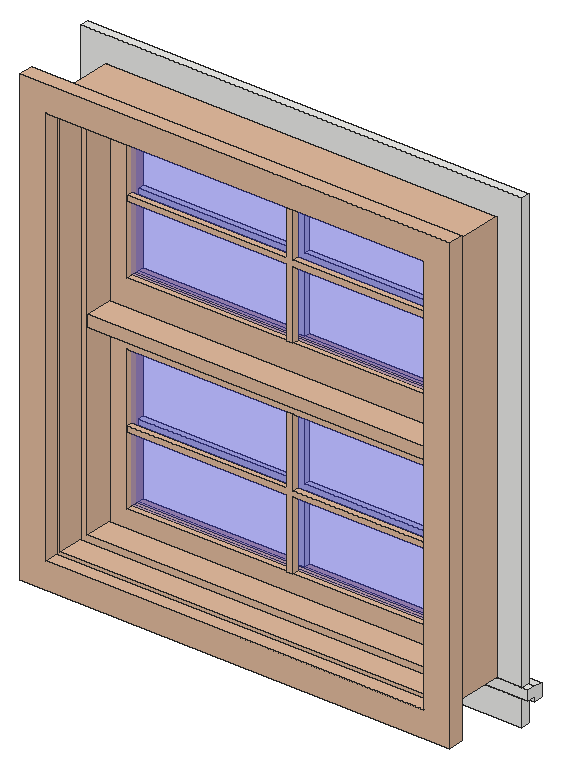
Revit family "748f66ffc57a48c4b5aa73766c465dcf", category Windows, host Wall, Revit 2021
Family settings
  Host = Wall
  OmniClass Number = 23.30.20.17.21.11
  OmniClass Title = Awning Windows
  Always vertical = Yes
  Cut with Voids When Loaded = No
  Shared = No
  Room Calculation Point = No
Parameters (values of type "34" x 36"")
  Window Inset [instance] = 0' - 0"
  Wall Thickness [instance] = 0' - 6"
  Visual Light Transmittance = 0.81
  Top Sash Height Ratio = 0.5
  Top Sash Height = Top Sash Height Ratio * Height  # 1' - 6"
  Thermal Resistance (R) = 1.8146 (h·ft²·°F)/BTU
  Solar Heat Gain Coefficient = 0.76
  Rough Width = Width + 0' 0 1/2"  # 2' - 10 1/2"
  Rough Height = Height + 0' 0 1/2"  # 3' - 0 1/2"
  Top Muntin Visibility = yes
  Muntin Pattern = Muntin Pattern_2x2 : Muntin Pattern_2x2
  Interior Wall Closure [instance] = 0' - 2 1/4"
  Interior Trim Visibility [instance] = yes
  Interior Trim Material = Wood - Stained
  Interior Trim = Trim-Window-Interior-Flat : Picture Frame
  Interior Frame Material = Wood - Stained
  Height = 3' - 0"
  Heat Transfer Coefficient (U) = 0.5511 BTU/(h·ft²·°F)
  Glass Panel Material = Glass
  Frame Extension [instance] = if(Exterior Trim Visibility, Window Inset + 0' 0 1/4", 0' 0 1/4")  # 0' - 0 1/4"
  Fire Rating = "0.5h"
  Exterior Wall Closure [instance] = 0' - 1 1/4"
  Exterior Trim Visibility [instance] = yes
  Exterior Trim Material = Clad - White
  Exterior Trim = Trim-Window-Exterior-Flat : with Sill
  Exterior Frame Material = Clad - White
  Extension Jamb Visibility [instance] = and(Interior Trim Visibility, Wall Thickness - Window Inset > 0' 3 3/4")  # yes
  Extension Jamb [instance] = if(Wall Thickness - Window Inset > 0' 3 3/4", Wall Thickness - Window Inset - 0' 3 3/4", 0' 1")  # 0' - 2 1/4"
  Default Sill Height = 3' - 0"
  Wall Closure = By host
  Width = 2' - 10"
  Bottom Muntin Visibility = yes
  Assembly Code = "B2020100"
  Analytic Construction = "Double glazing - domestic"
Reference planes (in)
  plane 1 "Center (Front/Back)": y = 0
  plane 2: z = 0
  plane 3 "Center (Left/Right)": x = 0
  plane 4 "Left": x = -17
  plane 5 "Right": x = 17
  plane 6 "Sill": z = 36
  plane 7 "Top": z = 72
  plane 8 "Exterior": y = 3
  plane 9 "Interior": y = -3
  plane 10 "Inset Face": y = 3
  plane 11 "Jamb": y = -0.75
  plane 12 "Sash Face": y = 3.5
  plane 13 "Wall Closure": y = -0.75
  plane 14: y = 2.25
  plane 15: z = 36.5
  plane 16: x = 16.5
  plane 17: x = 14.25
  plane 18: x = -14.25
  plane 19: x = -16.5
  plane 20: z = 71.5
  plane 21: z = 69.25
  plane 22: z = 38.75
  plane 23: y = 1.75
  plane 24: y = 3.75
  plane 25: y = 2.625
  plane 26: z = 54
  plane 27 "Transom Height": z = 54.5
  plane 28: z = 56.75
  plane 29: z = 53.5
  plane 30: y = 3.75
  plane 31: y = 1.75
  plane 32: y = -0.75
  plane 33: z = 51.24965
  plane 34: z = 54
  plane 35: y = 3.75
Forms (in)
  Extrusion 1, solid, material "Wood - Stained" <- "Interior Frame Material", visible <- "Extension Jamb Visibility"
    sketch origin (0, 0, 0) x (1, 0, 0) y (0, 0, 1)
      loop
        line (17, 72) -> (-17, 72) -> (-17, 36) -> (17, 36) -> (17, 72)
      loop
        line (16.25, 71.25) -> (-16.25, 71.25) -> (-16.25, 36.75) -> (16.25, 36.75) -> (16.25, 71.25)
    from 0.75 to 3
  Sweep 2, solid, material "Wood - Stained" <- "Interior Frame Material"
    path origin (0, 3.5, 0) x (-1, 0, 0) y (0, 0, 1)
      loop
        line (-17, 72) -> (-17, 36) -> (17, 36) -> (17, 72) -> (-17, 72)
    profile origin (17, 3.5, 54) x (1, 0, 0) y (0, 1, 0)
      loop
        line (-1.25, -1.75) -> (-1.25, -4.25) -> (0, -4.25) -> (0, 0.25) -> (-0.5, 0.25) -> (-0.5, -1.75) -> (-1.25, -1.75)
  Sweep 3, solid, material "Wood - Stained" <- "Interior Frame Material"
    path origin (0, 3.5, 0) x (-1, 0, 0) y (0, 0, 1)
      loop
        line (-16.5, 71.5) -> (-16.5, 54.5) -> (16.5, 54.5) -> (16.5, 71.5) -> (-16.5, 71.5)
    profile origin (16.5, 3.5, 63) x (1, 0, 0) y (0, 1, 0)
      loop
        line (-2.25, 0) -> (-2.25, -1.75) -> (0, -1.75) -> (0, 0) -> (-2.25, 0)
  Extrusion 4, solid, material "Glass" <- "Glass Panel Material"
    sketch origin (0, 0, 36) x (0, -1, 0) y (1, 0, 0)
      loop
        line (-3, -14.25) -> (-2.75, -14.25) -> (-2.75, 14.25) -> (-3, 14.25) -> (-3, -14.25)
      loop
        line (-2.5, -14.25) -> (-2.25, -14.25) -> (-2.25, 14.25) -> (-2.5, 14.25) -> (-2.5, -14.25)
    from 20.75 to 33.25
  Extrusion 5, solid, material "Glass" <- "Glass Panel Material"
    sketch origin (0, 0, 36) x (0, -1, 0) y (1, 0, 0)
      loop
        line (-3, -14.25) -> (-2.75, -14.25) -> (-2.75, 14.25) -> (-3, 14.25) -> (-3, -14.25)
      loop
        line (-2.5, -14.25) -> (-2.25, -14.25) -> (-2.25, 14.25) -> (-2.5, 14.25) -> (-2.5, -14.25)
    from 2.75 to 15.25
  Extrusion 6, solid, material "Wood - Stained" <- "Interior Frame Material"
    sketch origin (0, 0, 36) x (0, -1, 0) y (1, 0, 0)
      loop
        line (-3.75, -16.5) -> (-1.75, -16.5) -> (-1.75, -15.75) -> (0.75, -15.75) -> (0.75, 15.75) -> (-1.75, 15.75) -> (-1.75, 16.5) -> (-3.75, 16.5) -> (-3.75, -16.5)
    from 18.5 to 17.5
  Sweep 7, solid, material "Wood - Stained" <- "Interior Frame Material"
    path origin (-72, 3.5, 48) x (-1, 0, 0) y (0, 0, 1)
      loop
        line (-88.5, 5.5) -> (-88.5, -11.5) -> (-55.5, -11.5) -> (-55.5, 5.5) -> (-88.5, 5.5)
    profile origin (16.5, 3.5, 45) x (0, 1, 0) y (-1, 0, 0)
      loop
        line (0, 2.25) -> (-1.75, 2.25) -> (-1.75, 0) -> (0, 0) -> (0, 2.25)
Lines and regions (in)
  Opening 1
    outline origin (-60, -3, 0) x (1, 0, 0) y (0, 0, 1)
      loop
        line (43, 72) -> (43, 36) -> (77, 36) -> (77, 72) -> (43, 72)
  Split face 1
    outline origin (-14.25, 1.75, 56.75) x (1, 0, 0) y (0, 1, 0)
      loop
        line (0, 1.25) -> (28.5, 1.25)
  Split face 2
    outline origin (14.25, 1.75, 56.75) x (0, 0, 1) y (0, 1, 0)
      loop
        line (0, 1.25) -> (12.5, 1.25)
  Split face 3
    outline origin (-14.25, 1.75, 69.25) x (0, 0, -1) y (0, 1, 0)
      loop
        line (0, 1.25) -> (12.5, 1.25)
  Split face 4
    outline origin (14.25, 1.75, 69.25) x (0, 1, 0) y (-1, 0, 0)
      loop
        line (1.25, 28.5) -> (1.25, 0)
  Split face 5
    outline origin (0, 0, 54.5) x (0, -1, 0) y (1, 0, 0)
      loop
        line (-3.5, 16.5) -> (-3.5, -16.5)
  Split face 6
    outline origin (14.25, 3.5, 38.75) x (-1, 0, 0) y (0, -1, 0)
      loop
        line (28.5, 0.5) -> (0, 0.5)
  Split face 7
    outline origin (14.25, 3.5, 51.25) x (0, 0, -1) y (0, -1, 0)
      loop
        line (12.5, 0.5) -> (0, 0.5)
  Split face 8
    outline origin (-14.25, 3.5, 51.25) x (0, -1, 0) y (1, 0, 0)
      loop
        line (0.5, 28.5) -> (0.5, 0)
  Split face 9
    outline origin (-14.25, 3.5, 38.75) x (0, 0, 1) y (0, -1, 0)
      loop
        line (12.5, 0.5) -> (0, 0.5)
  Split face 10
    outline origin (0, 0, 53.5) x (0, -1, 0) y (1, 0, 0)
      loop
        line (-3.5, 16.5) -> (-3.5, -16.5)
  symbolic lines, style "Elevation Swing"
    curve 1: line (0, -3, 71.5) -> (16.5, -3, 54.5)
    curve 2: line (0, -3, 71.5) -> (-16.5, -3, 54.5)
    curve 3: line (0, -3, 53.5) -> (16.5, -3, 36.5)
    curve 4: line (0, -3, 53.5) -> (-16.5, -3, 36.5)
Text (in)
  text "EXTERIOR" at (-58.6888, 50.90694, 0), in view "Ref. Level"
  text "INTERIOR" at (-58.6888, -37.76638, 0), in view "Ref. Level"
  text "Exterior" at (0, 43.65631, 123.19604), in view "Left"
  text "Exterior" at (0, 18.29385, 125.04747), in view "Right"
Dimensions and locks (in)
  equal spacing: plane 4 "Left", plane 3 "Center (Left/Right)", plane 5 "Right"
  "Width": plane 4 "Left" to plane 5 "Right"
  "Height": plane 6 "Sill" to plane 7 "Top"
  "Default Sill Height": plane 2 to plane 6 "Sill"
  "Window Inset": plane 8 "Exterior" to plane 10 "Inset Face"
  "Extension Jamb": plane 11 "Jamb" to plane 9 "Interior"
  locked: plane 12 "Sash Face" to plane 10 "Inset Face" at 0.5
  plane 10 "Inset Face" to plane 13 "Wall Closure" = 0' - 3 3/4"
  locked: plane 10 "Inset Face" to plane 14 at 0.75
  locked: plane 6 "Sill" to plane 15 at 0.5
  locked: Sweep 2 sketch curve to Sweep 2 sketch curve at 1.25
  locked: plane 16 to plane 5 "Right" at 0.5
  locked: plane 17 to plane 16 at 2.25
  locked: plane 4 "Left" to plane 19 at 0.5
  locked: plane 19 to plane 18 at 2.25
  locked: plane 20 to plane 7 "Top" at 0.5
  locked: Sweep 2 sketch curve to Sweep 2 sketch curve at 0.5
  equal spacing: Extrusion 4 sketch curve, Extrusion 4 sketch curve, Extrusion 4 sketch curve, Extrusion 4 sketch curve
  locked: plane 15 to plane 22 at 2.25
  locked: plane 21 to plane 20 at 2.25
  locked: plane 14 to plane 23 at 0.5
  locked: plane 24 to plane 8 "Exterior" at 0.75
  plane 12 "Sash Face" to Sweep 2 sketch curve = 0' - 1 3/4"
  equal spacing: plane 10 "Inset Face", plane 25, plane 14
  equal spacing: plane 22, plane 26, plane 21
  locked: plane 27 "Transom Height" to plane 28 at 2.25
  equal spacing: Extrusion 5 sketch curve, Extrusion 5 sketch curve, Extrusion 5 sketch curve, Extrusion 5 sketch curve
  "Wall Thickness": host wall to host wall
  Extrusion 1 to Extrusion 5 = 2' - 7 1/4"
  plane 29 to plane 27 "Transom Height" = 0' - 1"
  plane 30 to plane 12 "Sash Face" = 0' - 0 1/4"
  "Interior Wall Closure": plane 32 to plane 9 "Interior"
  "Exterior Wall Closure": plane 8 "Exterior" to plane 31
  locked: plane 33 to plane 29 at 2.25035
  equal spacing: plane 29, plane 34, plane 27 "Transom Height"
  "Top Sash Height": plane 34 to plane 7 "Top"
  "Frame Extension": plane 35 to plane 12 "Sash Face"
  aligned and locked: plane 7 "Top" to Opening 1 sketch curve
  aligned and locked: plane 6 "Sill" to Opening 1 sketch curve  (x2)
  aligned and locked: plane 5 "Right" to Opening 1 sketch curve
  aligned and locked: plane 4 "Left" to Opening 1 sketch curve
  aligned and locked: level to plane 2
  aligned and locked: plane 8 "Exterior" to host wall
  aligned and locked: plane 9 "Interior" to host wall
  aligned and locked: Extrusion 1 sketch curve to plane 6 "Sill"
  aligned and locked: plane 7 "Top" to Extrusion 1 sketch curve
  aligned and locked: plane 5 "Right" to Extrusion 1 sketch curve
  aligned and locked: Extrusion 1 sketch curve to plane 4 "Left"
  aligned and locked: Extrusion 1 to plane 9 "Interior"
  aligned and locked: Sweep 2 sketch curve to plane 6 "Sill"
  aligned and locked: Sweep 2 sketch curve to plane 4 "Left"
  aligned and locked: plane 7 "Top" to Sweep 2 sketch curve
  aligned and locked: plane 5 "Right" to Sweep 2 sketch curve
  aligned and locked: Sweep 2 sketch curve to plane 5 "Right"
  aligned and locked: plane 16 to Sweep 3 sketch curve
  aligned and locked: Sweep 3 sketch curve to plane 19
  aligned and locked: Sweep 3 sketch curve to plane 20
  aligned and locked: plane 12 "Sash Face" to Sweep 3 sketch curve
  aligned and locked: Sweep 3 sketch curve to plane 16
  aligned and locked: plane 17 to Sweep 3 sketch curve
  aligned and locked: Sweep 3 sketch curve to Sweep 2
  aligned and locked: Extrusion 4 sketch curve to plane 10 "Inset Face"
  aligned and locked: plane 17 to Extrusion 4 sketch curve  (x2)
  aligned and locked: Extrusion 4 sketch curve to plane 18  (x2)
  aligned and locked: plane 21 to Extrusion 4
  aligned and locked: plane 18 to Split face 1 sketch curve
  aligned and locked: Split face 1 sketch curve to plane 10 "Inset Face"
  aligned and locked: plane 17 to Split face 1 sketch curve
  aligned and locked: plane 3 "Center (Left/Right)" to nested 1
  aligned and locked: nested 1 to plane 8 "Exterior"
  aligned and locked: plane 21 to Split face 2 sketch curve
  aligned and locked: Split face 2 sketch curve to plane 10 "Inset Face"
  aligned and locked: plane 21 to Split face 3 sketch curve
  aligned and locked: plane 10 "Inset Face" to Split face 3 sketch curve
  aligned and locked: plane 18 to Split face 4 sketch curve
  aligned and locked: plane 17 to Split face 4 sketch curve
  aligned and locked: Split face 4 sketch curve to plane 10 "Inset Face"
  aligned and locked: plane 3 "Center (Left/Right)" to curve 1
  aligned and locked: plane 16 to curve 1
  aligned and locked: plane 20 to curve 2
  aligned and locked: nested 2 to plane 25
  aligned and locked: plane 27 "Transom Height" to Sweep 3 sketch curve
  aligned and locked: plane 28 to nested 2
  aligned and locked: Extrusion 5 sketch curve to Extrusion 4
  aligned and locked: Extrusion 4 to plane 28
  aligned and locked: Extrusion 5 sketch curve to plane 14
  aligned and locked: plane 27 "Transom Height" to curve 1
  aligned and locked: plane 27 "Transom Height" to curve 2
  aligned and locked: plane 19 to curve 2
  aligned and locked: plane 27 "Transom Height" to Extrusion 6
  aligned and locked: Extrusion 6 to plane 29
  aligned and locked: plane 12 "Sash Face" to Split face 5 sketch curve
  aligned and locked: profile plane to Sweep 7 sketch curve
  aligned and locked: plane 17 to Sweep 7 sketch curve
  aligned and locked: Sweep 7 sketch curve to Sweep 2  (x2)
  aligned and locked: Extrusion 5 to Sweep 7
  aligned and locked: Extrusion 5 to plane 22
  aligned and locked: Split face 6 sketch curve to plane 10 "Inset Face"
  aligned and locked: plane 17 to Split face 7 sketch curve
  aligned and locked: Split face 9 sketch curve to plane 18
  aligned and locked: plane 12 "Sash Face" to Split face 10 sketch curve
  aligned and locked: Sweep 7 sketch curve to plane 16
  aligned and locked: Sweep 7 sketch curve to plane 15
  aligned and locked: plane 19 to Sweep 7 sketch curve
  aligned and locked: plane 16 to Sweep 7 sketch curve
  aligned and locked: plane 29 to Sweep 7 sketch curve  (x2)
  aligned and locked: Extrusion 6 sketch curve to plane 13 "Wall Closure"
  aligned and locked: plane 30 to Extrusion 6 sketch curve
  aligned and locked: nested 1 to plane 7 "Top"
  aligned and locked: nested 3 to plane 8 "Exterior"
  aligned and locked: nested 3 to plane 4 "Left"
  aligned and locked: plane 18 to Extrusion 5 sketch curve  (x2)
  aligned and locked: plane 17 to Extrusion 5 sketch curve  (x2)
  aligned and locked: plane 18 to Sweep 7
  aligned and locked: plane 21 to nested 2
  aligned and locked: nested 2 to plane 18
  aligned and locked: nested 2 to plane 17
  aligned and locked: plane 7 "Top" to nested 5
  aligned and locked: plane 7 "Top" to nested 4
  aligned and locked: plane 3 "Center (Left/Right)" to nested 4
  aligned and locked: nested 5 to plane 3 "Center (Left/Right)"
  aligned and locked: plane 11 "Jamb" to Extrusion 1
  aligned and locked: Sweep 2 sketch curve to plane 13 "Wall Closure"
  aligned and locked: nested 6 to plane 18
  aligned and locked: nested 6 to plane 17
  aligned and locked: plane 22 to nested 6
  aligned and locked: plane 33 to nested 6
  aligned and locked: nested 6 to plane 25
  aligned and locked: plane 29 to curve 4
  aligned and locked: plane 3 "Center (Left/Right)" to curve 4
  aligned and locked: plane 15 to curve 3
  aligned and locked: plane 16 to curve 3
  aligned and locked: plane 15 to curve 4
  aligned and locked: plane 19 to curve 4
  aligned and locked: plane 34 to nested 3
  aligned and locked: plane 35 to Sweep 2 sketch curve
Automatic sketch dimensions
  Extrusion 4 sketch curve to plane 14 = 0' - 0"
  Sweep 7 to Split face 7 sketch curve = 0' - 0"
  Split face 7 sketch curve to Sweep 7 = 0' - 0"
  Split face 7 sketch curve to Sweep 7 = 0' - 0 1/2"
  Sweep 7 to Split face 9 sketch curve = 0' - 0"
  Split face 9 sketch curve to Sweep 7 = 0' - 0 1/2"
  Split face 9 sketch curve to Sweep 7 = 0' - 0"
  Extrusion 1 sketch curve to plane 19 = 0' - 0 1/4"
  plane 16 to Extrusion 1 sketch curve = 0' - 0 1/4"
  plane 15 to Extrusion 1 sketch curve = 0' - 0 1/4"
  Extrusion 1 sketch curve to plane 20 = 0' - 0 1/4"
  Split face 2 sketch curve to Sweep 3 = 0' - 0"
  Split face 3 sketch curve to Sweep 3 = 0' - 0"
  Extrusion 6 sketch curve to plane 23 = 0' - 0"  (x2)
  Extrusion 6 sketch curve to plane 16 = 0' - 0"
  Extrusion 6 sketch curve to plane 19 = 0' - 0"
  Extrusion 6 sketch curve to plane 19 = 0' - 0 3/4"
  plane 16 to Extrusion 6 sketch curve = 0' - 0 3/4"
  Split face 5 sketch curve to Extrusion 6 = 0' - 0"  (x2)
  Split face 6 sketch curve to Sweep 7 = 0' - 0"  (x2)
  Split face 8 sketch curve to Sweep 7 = 0' - 0"  (x2)
  Split face 8 sketch curve to Sweep 7 = 0' - 0 1/2"
  Split face 10 sketch curve to Extrusion 6 = 0' - 0"  (x2)
Nested families (in)
  nested 1: "Plan-Awning" at (0, 3, 54), Width <- "Width", Window Inset <- "Window Inset", Height <- "Top Sash Height", Wall Thickness <- "Wall Thickness", type "Plan-Awning"
    with Window Inset of 3D 0' - 0", Window Inset 0' - 0", Width 2' - 10", Wall Thickness 0' - 6", Top Line yes, Right Line yes, Left Line yes, Height 1' - 6", Bottom Line no
  nested 2: "Muntin Pattern_2x2" at (0, 2.625, 56.75), visible <- "Top Muntin Visibility", Exterior Material <- "Exterior Frame Material", Interior Material <- "Interior Frame Material", type <- "Muntin Pattern", type "Muntin Pattern_2x2"
    with Width 2' - 4 1/2", Interior Material Wood - Stained, Height 1' - 0 1/2", Exterior Material Clad - White
  nested 3: "Plan-Awning" at (0, 3, 36), Window Inset <- "Window Inset", Width <- "Width", Height <- "Top Sash Height", Wall Thickness <- "Wall Thickness", type "Plan-Awning"
    with Window Inset of 3D 0' - 0", Window Inset 0' - 0", Width 2' - 10", Wall Thickness 0' - 6", Top Line no, Right Line yes, Left Line yes, Height 1' - 6", Bottom Line yes
  nested 4: "Trim-Window-Interior-Flat" at (0, -3, 72) x (1, 0, 0) z (0, -1, 0), visible <- "Interior Trim Visibility", Trim Material <- "Interior Trim Material", Opening Width <- "Width", Opening Height <- "Height", type <- "Interior Trim", type "Picture Frame"
    with Trim Material Wood - Stained, Opening Width 2' - 10", Opening Height 3' - 0"
  nested 5: "Trim-Window-Exterior-Flat" at (0, 3, 72) x (-1, 0, 0) z (0, 1, 0), Opening Width <- "Width", Opening Height <- "Height", Trim Material <- "Exterior Trim Material", visible <- "Exterior Trim Visibility", type <- "Exterior Trim", type "with Sill"
    with Trim Material Clad - White, Opening Width 2' - 10", Opening Height 3' - 0"
  nested 6: "Muntin Pattern_2x2" at (0, 2.625, 38.75), visible <- "Bottom Muntin Visibility", Exterior Material <- "Exterior Frame Material", Interior Material <- "Interior Frame Material", type <- "Muntin Pattern", type "Muntin Pattern_2x2"
    with Width 2' - 4 1/2", Interior Material Wood - Stained, Height 1' - 0.49965", Exterior Material Clad - White
Definition of nested family "Muntin Pattern_2x2"
  Parameters (values of type "Muntin Pattern_2x2")
    Width [instance] = 4' - 0"
    Thickness = 0' - 0 1/2"
    Height [instance] = 4' - 0"
    Interior Material [instance] = none
    Exterior Material [instance] = none
    Distance = 0' - 0 3/4"
    Default Elevation = 0' - 0"
  Reference planes (in)
    plane 1 "Center (Front/Back)": y = 0
    plane 2: z = 0
    plane 3 "Center (Left/Right)": x = 0
    plane 4: z = 48
    plane 5: x = -24
    plane 6: x = 24
    plane 7: z = 24
    plane 8: y = 0.375
    plane 9: y = 0.875
    plane 10: y = -0.375
    plane 11: y = -0.875
  Forms (in)
    Extrusion 1, solid, material <- "Interior Material", detail levels fine
      sketch origin (0, 0, 0) x (1, 0, 0) y (0, 0, 1)
        loop
          line (-24, 24.25) -> (-24, 23.75) -> (-0.25, 23.75) -> (-0.25, 0) -> (0.25, 0) -> (0.25, 23.75) -> (24, 23.75) -> (24, 24.25) -> (0.25, 24.25) -> (0.25, 48) -> (-0.25, 48) -> (-0.25, 24.25) -> (-24, 24.25)
      from 0.375 to 0.875
    Extrusion 2, solid, material <- "Exterior Material", detail levels fine
      sketch origin (0, 0, 0) x (1, 0, 0) y (0, 0, -1)
        loop
          line (-24, -24.25) -> (-0.25, -24.25) -> (-0.25, -48) -> (0.25, -48) -> (0.25, -24.25) -> (24, -24.25) -> (24, -23.75) -> (0.25, -23.75) -> (0.25, 0) -> (-0.25, 0) -> (-0.25, -23.75) -> (-24, -23.75) -> (-24, -24.25)
      from 0.375 to 0.875
  Lines and regions (in)
    model lines, detail levels medium
      curve 1: line (0, 0.375, 48) -> (0, 0.375, 0)
      curve 2: line (-24, -0.375, 24) -> (24, -0.375, 24)
      curve 3: line (-24, 0.375, 24) -> (24, 0.375, 24)
      curve 4: line (0, -0.375, 48) -> (0, -0.375, 0)
  Dimensions and locks (in)
    equal spacing: plane 6, plane 3 "Center (Left/Right)", plane 5
    "Width": plane 6 to plane 5
    "Height": plane 4 to plane 2
    equal spacing: plane 4, plane 7, plane 2
    locked: plane 3 "Center (Left/Right)" to Extrusion 1 sketch curve at 0.25  (x4)
    locked: Extrusion 1 sketch curve to plane 7 at 0.25  (x2)
    locked: plane 7 to Extrusion 1 sketch curve at 0.25  (x2)
    "Thickness": plane 9 to plane 8
    "Thickness": plane 10 to plane 11
    "Distance": plane 8 to plane 10
    equal spacing: plane 8, plane 1 "Center (Front/Back)", plane 10
    aligned and locked: plane 2 to level
    aligned and locked: plane 4 to curve 1
    aligned and locked: plane 5 to curve 2
    aligned and locked: plane 2 to curve 1
    aligned and locked: plane 6 to curve 2
    aligned and locked: Extrusion 1 sketch curve to plane 4
    aligned and locked: Extrusion 1 sketch curve to plane 6
    aligned and locked: Extrusion 1 sketch curve to plane 5
    aligned and locked: Extrusion 1 sketch curve to level
    aligned and locked: Extrusion 1 to plane 11
    aligned and locked: plane 10 to Extrusion 1
    aligned and locked: Extrusion 2 to plane 5
    aligned and locked: plane 6 to Extrusion 2
    aligned and locked: Extrusion 2 to plane 8
    aligned and locked: plane 9 to Extrusion 2
    aligned and locked: Extrusion 2 to plane 2
    aligned and locked: plane 4 to Extrusion 2
    aligned and locked: plane 5 to curve 3
    aligned and locked: plane 6 to curve 3
    aligned and locked: plane 4 to curve 4
    aligned and locked: plane 2 to curve 4
    aligned and locked: plane 8 to curve 3
  Automatic sketch dimensions
    curve 2 to plane 7 = 0' - 0"
    Extrusion 2 sketch curve to plane 5 = 0' - 0"
    Extrusion 2 sketch curve to level = 0' - 0"
    Extrusion 2 sketch curve to plane 4 = 0' - 0"
    Extrusion 2 sketch curve to plane 6 = 0' - 0"
    Extrusion 2 sketch curve to plane 3 "Center (Left/Right)" = 0' - 0 1/4"  (x2)
    plane 3 "Center (Left/Right)" to Extrusion 2 sketch curve = 0' - 0 1/4"  (x2)
    plane 7 to Extrusion 2 sketch curve = 0' - 0 1/4"  (x2)
    Extrusion 2 sketch curve to plane 7 = 0' - 0 1/4"  (x2)
    curve 4 to plane 3 "Center (Left/Right)" = 0' - 0"
    curve 4 to level = 0' - 0"
    curve 4 to plane 4 = 0' - 0"
    curve 3 to plane 6 = 0' - 0"
    curve 1 to plane 3 "Center (Left/Right)" = 0' - 0"
    curve 3 to plane 5 = 0' - 0"
    curve 3 to plane 7 = 0' - 0"
Definition of nested family "Trim-Window-Interior-Flat"
  Parameters (values of type "with Sill")
    Trim Thickness_Picture Frame = 0' - 1 1/4"
    Trim Width = 0' - 2 1/4"
    Trim Thickness_with Sill = 0' - 0 3/4"
    Trim Material [instance] = none
    Sill Thickness = 0' - 1 1/4"
    Sill = yes
    Picture Frame = no
    Opening Width [instance] = 2' - 0"
    Opening Height [instance] = 3' - 0"
    Default Elevation = 4' - 0"
  Types (2): name | Sill | Picture Frame
    with Sill | yes | no
    Picture Frame | no | yes
  Reference planes (in)
    plane 1 "Center (Front/Back)": y = 0
    plane 2: z = 0
    plane 3 "Center (Left/Right)": x = 0
    plane 4: y = 1.75
    plane 5 "Left": x = -12
    plane 6 "Right": x = 12
    plane 7 "Bottom": y = -36
    plane 8: y = -37.25
    plane 9: y = -39.12332
    plane 10: x = 13.75
    plane 11: x = -13.75
    plane 12: z = 0.75
    plane 13: z = 1.25
    plane 14: x = 14.25
    plane 15: x = -14.25
    plane 16: y = -36.87332
    plane 17: y = -37.75
    plane 18: z = 0.5
    plane 19: x = -11.5
    plane 20: y = -0.5
    plane 21: x = 11.5
    plane 22: y = -35.5
    plane 23: x = -13.25
    plane 24: x = 13.25
    plane 25: y = -18
  Forms (in)
    Extrusion 1, solid
      sketch origin (0, 0, 0) x (1, 0, 0) y (0, 1, 0)
        loop
          line (-13.75, 1.75) -> (-13.75, -37.75) -> (13.75, -37.75) -> (13.75, 1.75) -> (-13.75, 1.75)
      from 0 to -12
    Extrusion 2, solid, material <- "Trim Material", visible <- "Sill"
      sketch origin (0, 0, 0) x (1, 0, 0) y (0, 1, 0)
        loop
          line (-13.25, -36) -> (-11.5, -36) -> (-11.5, 0) -> (11.5, 0) -> (11.5, -36) -> (13.25, -36) -> (13.25, 1.75) -> (-13.25, 1.75) -> (-13.25, -36)
      from 0 to 0.75
    Extrusion 3, solid, material <- "Trim Material", visible <- "Sill"
      sketch origin (0, 0, 0) x (0, 1, 0) y (0, 0, 1)
        loop
          line (-36.5, 1.5) -> (-36.87332, 1.5) -> (-36.87332, 0) -> (-36, 0) -> (-36, 1)
          arc (-36, 1) -> (-36.14645, 1.35355) -> (-36.5, 1.5) r 0.5
      from -13.75 to 13.75
    Extrusion 4, solid, material <- "Trim Material", visible <- "Sill"
      sketch origin (0, 0, 0) x (1, 0, 0) y (0, 1, 0)
        loop
          line (-13.25, -36.87332) -> (-13.25, -39.12332) -> (13.25, -39.12332) -> (13.25, -36.87332) -> (-13.25, -36.87332)
      from 0 to 0.75
    Extrusion 5, solid, material <- "Trim Material", visible <- "Picture Frame"
      sketch origin (0, 0, 0) x (1, 0, 0) y (0, 1, 0)
        loop
          line (-11.5, -0.5) -> (-11.5, -35.5) -> (11.5, -35.5) -> (11.5, -0.5) -> (-11.5, -0.5)
        loop
          line (-13.75, 1.75) -> (-13.75, -37.75) -> (13.75, -37.75) -> (13.75, 1.75) -> (-13.75, 1.75)
      from 0 to 1.25
  Dimensions and locks (in)
    equal spacing: plane 5 "Left", plane 3 "Center (Left/Right)", plane 6 "Right"
    "Opening Width": plane 5 "Left" to plane 6 "Right"
    "Opening Height": plane 7 "Bottom" to plane 1 "Center (Front/Back)"
    "Sill Thickness": plane 7 "Bottom" to plane 8
    "Trim Width": plane 11 to plane 19
    "Trim Width": plane 21 to plane 10
    "Trim Width": plane 20 to plane 4
    "Trim Thickness_with Sill": plane 12 to plane 2
    locked: plane 15 to plane 11 at 0.5
    locked: plane 10 to plane 14 at 0.5
    locked: plane 16 to plane 8 at 0.37668
    "Trim Width": plane 9 to plane 16
    "Trim Width": plane 17 to plane 22
    plane 20 to plane 1 "Center (Front/Back)" = 0' - 0 1/2"
    plane 5 "Left" to plane 19 = 0' - 0 1/2"
    plane 21 to plane 6 "Right" = 0' - 0 1/2"
    plane 22 to plane 7 "Bottom" = 0' - 0 1/2"
    locked: plane 11 to plane 23 at 0.5
    locked: plane 24 to plane 10 at 0.5
    equal spacing: plane 7 "Bottom", plane 25, plane 1 "Center (Front/Back)"
    "Trim Thickness_Picture Frame": plane 13 to plane 2
    locked: Extrusion 3 to plane 12 at 0.75
    locked: plane 12 to Extrusion 3 sketch curve at 0.75
    radius of Extrusion 3 sketch curve = 0' - 0 1/2"
    aligned and locked: plane 2 to Extrusion 1
    aligned and locked: level to Extrusion 1
    aligned and locked: plane 7 "Bottom" to Extrusion 2 sketch curve  (x2)
    aligned and locked: plane 1 "Center (Front/Back)" to Extrusion 2 sketch curve
    aligned and locked: plane 12 to Extrusion 2
    aligned and locked: Extrusion 3 sketch curve to level
    aligned and locked: plane 7 "Bottom" to Extrusion 3 sketch curve
    aligned and locked: plane 16 to Extrusion 4 sketch curve
    aligned and locked: plane 9 to Extrusion 4 sketch curve
    aligned and locked: Extrusion 2 sketch curve to plane 4
    aligned and locked: Extrusion 5 sketch curve to plane 4
    aligned and locked: Extrusion 5 sketch curve to plane 17
    aligned and locked: plane 10 to Extrusion 5 sketch curve
    aligned and locked: Extrusion 5 sketch curve to plane 11
    aligned and locked: plane 13 to Extrusion 5
    aligned and locked: Extrusion 5 sketch curve to plane 20
    aligned and locked: Extrusion 5 sketch curve to plane 19
    aligned and locked: Extrusion 5 sketch curve to plane 21
    aligned and locked: plane 22 to Extrusion 5 sketch curve
    aligned and locked: Extrusion 4 to plane 24
    aligned and locked: plane 11 to Extrusion 3
    aligned and locked: Extrusion 3 to plane 10
    aligned and locked: Extrusion 2 sketch curve to plane 21
    aligned and locked: Extrusion 2 sketch curve to plane 24
    aligned and locked: Extrusion 2 sketch curve to plane 19
    aligned and locked: Extrusion 2 sketch curve to plane 23
    aligned and locked: plane 12 to Extrusion 4
  Automatic sketch dimensions
    Extrusion 1 sketch curve to Extrusion 1 sketch curve = 2' - 3 1/2"
    Extrusion 1 sketch curve to Extrusion 1 sketch curve = 3' - 3 1/2"
    Extrusion 3 sketch curve to plane 16 = 0' - 0"
    Extrusion 4 sketch curve to plane 11 = 0' - 0 1/2"
    Extrusion 4 sketch curve to plane 24 = 0' - 0"
Definition of nested family "Trim-Window-Exterior-Flat"
  Parameters (values of type "with Sill")
    Trim Width = 0' - 2 1/4"
    Trim Thickness_Picture Frame = 0' - 1 1/4"
    Trim Thickness_with Sill = 0' - 0 3/4"
    Trim Material [instance] = none
    Sill Thickness = 0' - 1 1/4"
    Sill = yes
    Picture Frame = no
    Opening Width [instance] = 2' - 0"
    Opening Height [instance] = 3' - 0"
    Default Elevation = 4' - 0"
  Types (2): name | Sill | Picture Frame
    with Sill | yes | no
    Picture Frame | no | yes
  Reference planes (in)
    plane 1 "Center (Front/Back)": y = 0
    plane 2: z = 0
    plane 3 "Center (Left/Right)": x = 0
    plane 4: y = 2.25
    plane 5 "Left": x = -12
    plane 6 "Right": x = 12
    plane 7 "Bottom": y = -36
    plane 8: y = -37.25
    plane 9: y = -39.12332
    plane 10: x = 14.25
    plane 11: x = -14.25
    plane 12: z = 0.75
    plane 13: z = 1.25
    plane 14: x = 14.75
    plane 15: x = -14.75
    plane 16: y = -36.87332
    plane 17: y = -38.25
    plane 18: z = 0.5
    plane 19: y = -18
    plane 20: z = 1.5
  Forms (in)
    Extrusion 1, solid
      sketch origin (0, 0, 0) x (1, 0, 0) y (0, 1, 0)
        loop
          line (-14.25, 2.25) -> (-14.25, -39.12332) -> (14.25, -39.12332) -> (14.25, 2.25) -> (-14.25, 2.25)
      from 0 to -12
    Extrusion 2, solid, material <- "Trim Material", visible <- "Sill"
      sketch origin (0, 0, 0) x (1, 0, 0) y (0, 1, 0)
        loop
          line (-14.25, -36) -> (-12, -36) -> (-12, 0) -> (12, 0) -> (12, -36) -> (14.25, -36) -> (14.25, 2.25) -> (-14.25, 2.25) -> (-14.25, -36)
      from 0 to 0.75
    Extrusion 3, solid, material <- "Trim Material", visible <- "Sill"
      sketch origin (0, 0, 0) x (0, 1, 0) y (0, 0, 1)
        loop
          line (-36.09677, 1.5) -> (-37.25, 1.5) -> (-37.25, 0.75) -> (-36.87332, 0.75) -> (-36.87332, 0) -> (-36, 0) -> (-36, 0.75) -> (-36.09677, 1.5)
      from -14.75 to 14.75
    Extrusion 4, solid, material <- "Trim Material", visible <- "Sill"
      sketch origin (0, 0, 0) x (1, 0, 0) y (0, 1, 0)
        loop
          line (-14.25, -36.87332) -> (-14.25, -39.12332) -> (14.25, -39.12332) -> (14.25, -36.87332) -> (-14.25, -36.87332)
      from 0 to 0.75
    Extrusion 5, solid, material <- "Trim Material", visible <- "Picture Frame"
      sketch origin (0, 0, 0) x (1, 0, 0) y (0, 1, 0)
        loop
          line (-12, 0) -> (-12, -36) -> (12, -36) -> (12, 0) -> (-12, 0)
        loop
          line (-14.25, 2.25) -> (-14.25, -38.25) -> (14.25, -38.25) -> (14.25, 2.25) -> (-14.25, 2.25)
      from 0 to 1.25
  Dimensions and locks (in)
    equal spacing: plane 5 "Left", plane 3 "Center (Left/Right)", plane 6 "Right"
    "Opening Width": plane 5 "Left" to plane 6 "Right"
    "Opening Height": plane 7 "Bottom" to plane 1 "Center (Front/Back)"
    "Sill Thickness": plane 7 "Bottom" to plane 8
    "Trim Width": plane 11 to plane 5 "Left"
    "Trim Width": plane 6 "Right" to plane 10
    "Trim Width": plane 1 "Center (Front/Back)" to plane 4
    locked: plane 15 to plane 11 at 0.5
    locked: plane 10 to plane 14 at 0.5
    locked: plane 16 to plane 8 at 0.37668
    "Trim Width": plane 9 to plane 16
    "Trim Width": plane 17 to plane 7 "Bottom"
    locked: plane 18 to plane 2 at 0.5
    equal spacing: plane 7 "Bottom", plane 19, plane 1 "Center (Front/Back)"
    locked: plane 20 to plane 12 at 0.75
    "Trim Thickness_with Sill": plane 12 to plane 2
    "Trim Thickness_Picture Frame": plane 13 to plane 2
    aligned and locked: plane 2 to Extrusion 1
    aligned and locked: level to Extrusion 1
    aligned and locked: Extrusion 2 sketch curve to plane 5 "Left"
    aligned and locked: Extrusion 2 sketch curve to plane 11
    aligned and locked: plane 7 "Bottom" to Extrusion 2 sketch curve  (x2)
    aligned and locked: plane 1 "Center (Front/Back)" to Extrusion 2 sketch curve
    aligned and locked: plane 10 to Extrusion 2 sketch curve
    aligned and locked: Extrusion 2 sketch curve to plane 6 "Right"
    aligned and locked: plane 12 to Extrusion 2
    aligned and locked: Extrusion 3 sketch curve to level
    aligned and locked: plane 7 "Bottom" to Extrusion 3 sketch curve
    aligned and locked: Extrusion 3 sketch curve to plane 8
    aligned and locked: plane 15 to Extrusion 3
    aligned and locked: Extrusion 3 to plane 14
    aligned and locked: plane 10 to Extrusion 4 sketch curve
    aligned and locked: Extrusion 4 sketch curve to plane 11
    aligned and locked: plane 16 to Extrusion 4 sketch curve
    aligned and locked: plane 9 to Extrusion 4 sketch curve
    aligned and locked: Extrusion 4 to Extrusion 2
    aligned and locked: Extrusion 2 sketch curve to plane 4
    aligned and locked: plane 1 "Center (Front/Back)" to Extrusion 5 sketch curve
    aligned and locked: Extrusion 5 sketch curve to plane 4
    aligned and locked: Extrusion 5 sketch curve to plane 17
    aligned and locked: plane 7 "Bottom" to Extrusion 5 sketch curve
    aligned and locked: Extrusion 5 sketch curve to plane 6 "Right"
    aligned and locked: plane 10 to Extrusion 5 sketch curve
    aligned and locked: Extrusion 5 sketch curve to plane 5 "Left"
    aligned and locked: Extrusion 5 sketch curve to plane 11
    aligned and locked: plane 13 to Extrusion 5
    aligned and locked: plane 20 to Extrusion 3
  Automatic sketch dimensions
    Extrusion 1 sketch curve to Extrusion 1 sketch curve = 2' - 4 1/2"
    Extrusion 1 sketch curve to Extrusion 1 sketch curve = 3' - 5.37332"
    Extrusion 3 sketch curve to plane 16 = 0' - 0"
    Extrusion 3 sketch curve to plane 12 = 0' - 0"  (x2)
    Extrusion 3 sketch curve to plane 7 "Bottom" = 0' - 0.09677"
    plane 13 to Extrusion 3 sketch curve = 0' - 0 1/4"
Definition of nested family "Plan-Awning"
  Parameters (values of type "Plan-Awning")
    Window Inset [instance] = 0' - 2"
    Window Inset of 3D [instance] = if(Window Inset - 0' 0 1/2" < 0' 0", 0' 0", if(Window Inset - 0' 0 1/2" < Wall Thickness - 0' 3 1/2", Window Inset - 0' 0 1/2", Wall Thickness - 0' 3 1/2"))  # 0' - 1 1/2"
    Width [instance] = 4' - 0"
    Wall Thickness [instance] = 0' - 6"
    Top Line [instance] = yes
    Rough Width = 3' - 0 1/2"
    Rough Height = 3' - 0 1/2"
    Right Line [instance] = yes
    Left Line [instance] = yes
    Height [instance] = 4' - 0"
    Default Elevation = 4' - 0"
    Bottom Line [instance] = yes
    Analytic Construction = "<None>"
  Reference planes (in)
    plane 1 "Center (Front/Back)": y = 0
    plane 2: z = 0
    plane 3 "Center (Left/Right)": x = 0
    plane 4: x = -24
    plane 5: x = 24
    plane 6 "Jamb": y = -5
    plane 7: x = -23.5
    plane 8: x = -22.75
    plane 9: y = -1.5
    plane 10: y = -3.25
    plane 11: y = -2.375
    plane 12: x = -21.25
    plane 13: x = 23.5
    plane 14: x = 22.75
    plane 15: x = 21.25
    plane 16 "Window Inset": y = -2
    plane 17 "Wall": y = -6
    plane 18: z = 48
    plane 19: z = 47.5
    plane 20: z = 0.5
    plane 21: z = 46.75
    plane 22: z = 1.25
    plane 23: z = 45.25
    plane 24: z = 2.75
    plane 25: z = 24
  Lines and regions (in)
    Masking region 1
      outline origin (0, 0.75, 0) x (1, 0, 0) y (0, 1, 0)
        loop
          line (-24, -6.75) -> (24, -6.75) -> (24, -0.75) -> (-24, -0.75) -> (-24, -6.75)
    Masking region 2
      outline origin (0, 0, 0) x (0, 1, 0) y (0, 0, 1)
        loop
          line (-6, 48) -> (-6, 0) -> (0, 0) -> (0, 48) -> (-6, 48)
    symbolic lines
      curve 1: line (-23.5, -3.25, 0) -> (-22.75, -3.25, 0)
      curve 2: line (-22.75, -3.25, 0) -> (-22.75, -5, 0)
      curve 3: line (-23.5, -1.5, 0) -> (-23.5, -3.25, 0)
      curve 4: line (-21.25, -1.5, 0) -> (-21.25, -3.25, 0)
      curve 5: line (-21.25, -3.25, 0) -> (-22.75, -3.25, 0)
      curve 6: line (-21.25, -2.375, 0) -> (21.25, -2.375, 0)
      curve 7: line (22.75, -3.25, 0) -> (22.75, -5, 0)
      curve 8: line (23.5, -1.5, 0) -> (23.5, -3.25, 0)
      curve 9: line (21.25, -1.5, 0) -> (21.25, -3.25, 0)
      curve 10: line (21.25, -3.25, 0) -> (23.5, -3.25, 0)
      curve 11: line (-24, -5, 0) -> (-22.75, -5, 0)
      curve 12: line (22.75, -5, 0) -> (-22.75, -5, 0)
      curve 13: line (0, -3.25, 46.75) -> (0, -5, 46.75)
      curve 14: line (0, -5, 0) -> (0, -5, 1.25)
      curve 15: line (0, -1.5, 0.5) -> (0, -3.25, 0.5)
      curve 16: line (0, -3.25, 0.5) -> (0, -3.25, 2.75)
      curve 17: line (0, -3.25, 1.25) -> (0, -5, 1.25)
      curve 18: line (0, -1.5, 48) -> (0, -1.5, 45.25)
      curve 19: line (0, -1.5, 45.25) -> (0, -3.25, 45.25)
      curve 20: line (0, -3.25, 2.75) -> (0, -1.5, 2.75)
      curve 21: line (0, -2.375, 2.75) -> (0, -2.375, 45.25)
      curve 22: line (0, -3.25, 47.5) -> (0, -3.25, 45.25)
      curve 23: line (21.25, -1.5, 0) -> (24, -1.5, 0)
      curve 24: line (21.25, -1.5, 0) -> (-21.25, -1.5, 0)
      curve 25: line (0, -1.5, 2.75) -> (0, -1.5, 0)
      curve 26: line (-21.25, -1.5, 0) -> (-24, -1.5, 0)
      curve 27: line (0, -1.5, 45.25) -> (0, -1.5, 2.75)
      curve 32: line (22.75, -5, 0) -> (24, -5, 0)
      curve 33: line (0, -1.5, 47.5) -> (0, -3.25, 47.5)
      curve 34: line (0, -5, 46.75) -> (0, -5, 48)
      curve 35: line (0, -5, 1.25) -> (0, -5, 46.75)
      curve 36: line (0, -3.25, 47.5) -> (0, 20.25, 6.79681)
      curve 37: arc (0, -3.25, 0.5) -> (0, 8.9145, 2.10149) -> (0, 20.25, 6.79681) r 47
    symbolic lines, visible <- "Top Line"
      curve 28: line (0, 0, 48) -> (0, -6, 48)
    symbolic lines, visible <- "Bottom Line"
      curve 29: line (0, 0, 0) -> (0, -6, 0)
    symbolic lines, visible <- "Left Line"
      curve 30: line (-24, 0, 0) -> (-24, -6, 0)
    symbolic lines, visible <- "Right Line"
      curve 31: line (24, 0, 0) -> (24, -6, 0)
  Dimensions and locks (in)
    "Width": plane 4 to plane 5
    equal spacing: plane 4, plane 3 "Center (Left/Right)", plane 5
    plane 4 to plane 7 to plane 8 = 0' - 0 1/2" locked, 0' - 0 3/4" locked
    equal spacing: plane 9, plane 11, plane 10
    locked: plane 7 to plane 12 at 2.25
    plane 5 to plane 13 to plane 14 = 0' - 0 1/2" locked, 0' - 0 3/4" locked
    locked: plane 13 to plane 15 at 2.25
    locked: plane 9 to plane 16 "Window Inset" at 0.5
    locked: plane 9 to plane 10 at 1.75
    "Wall Thickness": plane 17 "Wall" to plane 1 "Center (Front/Back)"
    "Height": plane 18 to plane 2
    locked: plane 18 to plane 19 at 0.5
    locked: plane 20 to plane 2 at 0.5
    locked: plane 19 to plane 21 at 0.75
    locked: plane 22 to plane 20 at 0.75
    locked: plane 19 to plane 23 at 2.25
    locked: plane 24 to plane 20 at 2.25
    locked: plane 10 to plane 6 "Jamb" at 1.75
    "Window Inset of 3D": plane 9 to plane 1 "Center (Front/Back)"
    equal spacing: plane 18, plane 25, plane 2
    locked: plane 10 to curve 36 (angle 30.00°)
    aligned and locked: plane 2 to level
    aligned and locked: curve 2 to plane 8
    aligned and locked: curve 1 to plane 10
    aligned and locked: plane 4 to Masking region 1 sketch curve
    aligned and locked: Masking region 1 sketch curve to plane 5
    aligned and locked: plane 14 to curve 7
    aligned and locked: Masking region 1 sketch curve to plane 17 "Wall"
    aligned and locked: plane 1 "Center (Front/Back)" to Masking region 1 sketch curve
    aligned and locked: Masking region 2 sketch curve to plane 18
    aligned and locked: plane 17 "Wall" to Masking region 2 sketch curve
    aligned and locked: level to Masking region 2 sketch curve
    aligned and locked: plane 6 "Jamb" to curve 14
    aligned and locked: plane 21 to curve 13
    aligned and locked: plane 22 to curve 17  (x2)
    aligned and locked: plane 10 to curve 16  (x2)
    aligned and locked: plane 20 to curve 15
    aligned and locked: curve 18 to plane 9
    aligned and locked: plane 23 to curve 19
    aligned and locked: curve 20 to plane 24
    aligned and locked: plane 11 to curve 21
    aligned and locked: plane 18 to curve 18
    aligned and locked: plane 9 to curve 15
    aligned and locked: plane 9 to curve 3
    aligned and locked: plane 19 to curve 22
    aligned and locked: plane 23 to curve 22
    aligned and locked: plane 9 to curve 24
    aligned and locked: plane 4 to curve 26
    aligned and locked: plane 9 to curve 25
    aligned and locked: plane 2 to curve 25
    aligned and locked: curve 4 to plane 12
    aligned and locked: plane 24 to curve 27
    aligned and locked: plane 1 "Center (Front/Back)" to curve 28
    aligned and locked: plane 17 "Wall" to curve 28
    aligned and locked: curve 28 to plane 18
    aligned and locked: plane 17 "Wall" to curve 29
    aligned and locked: plane 1 "Center (Front/Back)" to curve 29
    aligned and locked: curve 29 to plane 2
    aligned and locked: plane 4 to curve 11
    aligned and locked: plane 17 "Wall" to curve 31
    aligned and locked: curve 31 to plane 5
    aligned and locked: plane 5 to curve 32
    aligned and locked: plane 14 to curve 32
    aligned and locked: curve 32 to plane 6 "Jamb"
    aligned and locked: plane 17 "Wall" to curve 30
    aligned and locked: plane 9 to curve 33
    aligned and locked: plane 10 to curve 33
    aligned and locked: curve 33 to plane 19
    aligned and locked: plane 1 "Center (Front/Back)" to curve 31
    aligned and locked: plane 1 "Center (Front/Back)" to curve 30
    aligned and locked: plane 22 to curve 35
    aligned and locked: plane 21 to curve 34
    aligned and locked: curve 35 to plane 6 "Jamb"
    aligned and locked: curve 34 to plane 6 "Jamb"
    aligned and locked: plane 20 to curve 37
    aligned and locked: plane 19 to curve 37
    aligned and locked: plane 10 to curve 37
  Automatic sketch dimensions
    curve 3 to plane 7 = 0' - 0"
    curve 9 to plane 15 = 0' - 0"
    curve 8 to plane 10 = 0' - 0"
    curve 8 to plane 13 = 0' - 0"
    curve 6 to plane 11 = 0' - 0"
    Masking region 2 sketch curve to plane 1 "Center (Front/Back)" = 0' - 0"
    curve 13 to plane 6 "Jamb" = 0' - 0"
    curve 17 to plane 6 "Jamb" = 0' - 0"
